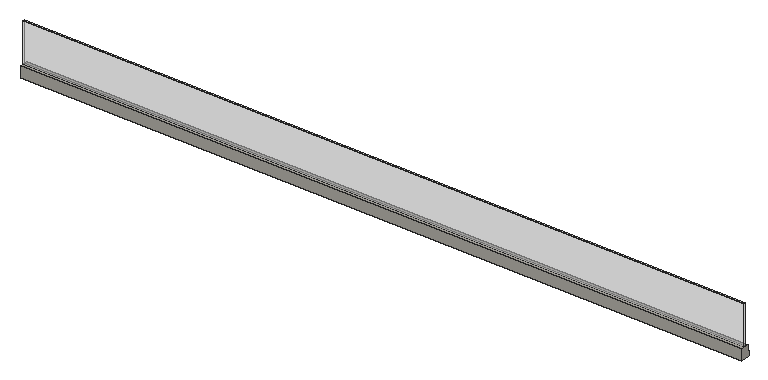
Revit family "Columns_&_Screens-Teknion-RCSBG_Central_Screen_for_Spine_Desk_Glass-R2019", category Furniture, Revit 2019
Family settings
  OmniClass Number = 23.40.20.00
  OmniClass Title = General Furniture and Specialties
  Work Plane-Based = No
  Always vertical = Yes
  Cut with Voids When Loaded = No
  Shared = Yes
  Room Calculation Point = No
Parameters (values of type "Shelf-Mounted, 42" High Datum Line With Shelf-Mounted Option")
  Width [instance] = 84.000"
  Warranty = "http://www.teknion.com/ca/papers/legal-canada"
  Unit Weight URL = "http://www.teknion.com/ca/tools/assets#&asset=bee6a381-b954-425e-8283-5a2de3a804f2,f828d448-4b62-4231-9e5f-9a8991c0ed77"
  URL = "www.teknion.com"
  To render please download texture images found here [instance] = "https://assets.teknion.com/web/5e81352c1dfdb467/revit-material-swatches/"
  Sustainability Data = "https://www.teknion.com/ca/tools/assets#&topic=216f99a5-57a0-44fc-b10a-9dee9b29ae4c&asset=444deb64-fe58-4b68-981e-f75e97781df7,b4ff2d81-9f2e-437d-9659-7cffb09c31cf"
  Supporting Frame Finish [instance] = Paint - Teknion - Mica - Titanium Grey
  Series = "Expansion Desking"  # constant formula
  Product Page URL = "https://www.teknion.com/ca/products/product-details?productLineId=2b4e336e-8e7a-673b-a6c8-ff00004460c4"
  Product Line = "Expansion Desking"  # constant formula
  Product Documentation Link = "https://www.teknion.com/pricing/expansion-desking/pdfs/RCSBG_ppg.pdf"
  Part Number = "RCSBG"  # constant formula
  Model = "RCSBGS06__"
  Manufacturer Phone = "416-661-3370"  # constant formula
  Manufacturer Fax = "416.661.4586"  # constant formula
  Manufacturer Contact Information = "http://www.teknion.com/ca/contactus"
  Manufacturer Address = "1150 Flint Road, Toronto, ON. M3J 2J5. Canada"  # constant formula
  Manufacturer = "Teknion"  # constant formula
  How To Use Teknion Materials User Guide [instance] = "https://assets.teknion.com/m/205dd0a49fa58060/original/How-to-add-a-Material-Library-and-Texture-Images-to-your-Revit-project.pdf"
  Height = 42.004"
  Glass Finish [instance] = Glass - Teknion - FT - Frosted Glass
  For Additional Finishes please visit [instance] = "https://assets.teknion.com/m/44a8009b046e5d47/original/Teknion_Materials_Library.zip"
  Description = "Central Screen for Spine Desk - Glass, Shelf-Mounted, 42\" High Datum Line with Shelf-Mounted option"
  Connection Node Visibility [instance] = yes
  Bottom of Screen = 36.287"
  Available Widths [instance] = "21\", 24\", 27\", 30\", 33\", 36\", 39\", 42\", 45\", 48\", 51\", 54\", 57\", 60\", 63\", 66\", 69\", 72\", 75\", 78\", 81\", or 84\""  # constant formula
  Assembly Code = "E2020200"
Types (9): name | Model | Height | Description | Bottom of Screen
  (no name) | "RCSBGS06__" | 42.004" | "Central Screen for Spine Desk - Glass, Shelf-Mounted, 42\" High Datum Line with Shelf-Mounted option" | 36.287"
  Desk-Mounted, 51" High Datum Line With Desk-Mounted Option | "RCSBGD22__" | 50.83071" | "Central Screen for Spine Desk - Glass, Desk-Mounted, 51\" High Datum Line with Desk-Mounted option" | 29.000"
  Worksurface-Mounted, 51" High Datum Line With Desk-Mounted Option | "RCSBGW22__" | 50.83071" | "Central Screen for Spine Desk - Glass, Worksurface-Mounted, 51\" High Datum Line with Desk-Mounted option" | 29.000"
  Desk-Mounted, 42" High Datum Line With Desk-Mounted Option | "RCSBGD13__" | 42.000" | "Central Screen for Spine Desk - Glass, Desk-Mounted, 42\" High Datum Line with Desk-Mounted option" | 29.000"
  Worksurface-Mounted, 42" High Datum Line With Desk-Mounted Option | "RCSBGW13__" | 42.000" | "Central Screen for Spine Desk - Glass, Worksurface-Mounted, 42\" High Datum Line with Desk-Mounted option" | 29.000"
  Desk-Mounted, Desk-Mounted Shelf Height With Desk-Mounted Option | "RCSBGD07__" | 36.071" | "Central Screen for Spine Desk - Glass, Desk-Mounted, Desk-Mounted Shelf Height with Desk-Mounted option" | 29.000"
  Worksurface-Mounted, Desk-Mounted Shelf Height With Desk-Mounted Option | "RCSBGW07__" | 36.071" | "Central Screen for Spine Desk - Glass, Worksurface-Mounted, Desk-Mounted Shelf Height with Desk-Mounted option" | 29.000"
  Shelf-Mounted, 51" High Datum Line With Shelf-Mounted Option | "RCSBGS15__" | 50.831" | "Central Screen for Spine Desk - Glass, Shelf-Mounted, 51\" High Datum Line with Shelf-Mounted option" | 36.287"
  Shelf-Mounted, 42" High Datum Line With Shelf-Mounted Option | "RCSBGS06__" | 42.004" | "Central Screen for Spine Desk - Glass, Shelf-Mounted, 42\" High Datum Line with Shelf-Mounted option" | 36.287"
Reference planes (in)
  plane 1 "Center Front/Back": y = 0
  plane 2: z = 0
  plane 3 "Center Left/Right": x = 0
  plane 4 "Left": x = -42
  plane 5 "Right": x = 42
  plane 6 "Back": y = 0.50787
  plane 7 "Front": y = -0.50787
  plane 8 "Top": z = 42.004
  plane 9 "Bottom of Screen": z = 36.287
Forms (in)
  Sweep 1, solid, material "Paint - Teknion - Mica - Titanium Grey" <- "Supporting Frame Finish"
    path origin (0, 0, 0) x (1, 0, 0) y (0, 1, 0)
      loop
        line (0, -0.50787) -> (0, 0.50787)
    profile origin (0, 0, 0) x (-1, 0, 0) y (0, 0, 1)
      loop
        line (42, 37.47598) -> (-42, 37.47598) -> (-42, 36.287) -> (42, 36.287) -> (42, 37.47598)
  Sweep 2, solid, material "Glass - Teknion - FT - Frosted Glass" <- "Glass Finish"
    path origin (0, 0, 0) x (1, 0, 0) y (0, 1, 0)
      loop
        line (0, -0.11811) -> (0, 0.11811)
    profile origin (0, 0, 0) x (-1, 0, 0) y (0, 0, 1)
      loop
        line (42, 42.004) -> (-42, 42.004) -> (-42, 37.47598) -> (42, 37.47598) -> (42, 42.004)
Lines and regions (in)
  Masking region 1
    outline origin (0, 0, 0) x (1, 0, 0) y (0, 1, 0)
      loop
        line (-42, 0.50787) -> (-42, -0.50787) -> (42, -0.50787) -> (42, 0.50787) -> (-42, 0.50787)
  symbolic lines
    curve 1: line (42, 0.11811, 0) -> (-42, 0.11811, 0)
    curve 2: line (42, -0.11811, 0) -> (-42, -0.11811, 0)
  reference lines
    curve 3: line (42, 0.50787, 0) -> (42, -0.50787, 0)
    curve 4: line (-42, 0.50787, 0) -> (-42, -0.50787, 0)
Dimensions and locks (in)
  "Width": plane 4 "Left" to plane 5 "Right"
  locked: plane 6 "Back" to plane 7 "Front" at 1.01575
  "Height": plane 8 "Top" to level
  equal spacing: plane 4 "Left", plane 3 "Center Left/Right", plane 5 "Right"
  equal spacing: plane 6 "Back", plane 1 "Center Front/Back", plane 7 "Front"
  "Bottom of Screen": plane 9 "Bottom of Screen" to level
  locked: Sweep 1 sketch curve to plane 9 "Bottom of Screen" at 1.18898
  Sweep 2 sketch curve to plane 1 "Center Front/Back" to Sweep 2 sketch curve = 0.11811" locked, 0.11811" locked
  locked: Sweep 2 sketch curve to plane 9 "Bottom of Screen" at 1.18898
  aligned and locked: level to plane 2
  aligned and locked: plane 6 "Back" to Sweep 1 sketch curve
  aligned and locked: plane 7 "Front" to Sweep 1 sketch curve
  aligned and locked: Sweep 1 sketch curve to plane 3 "Center Left/Right"
  aligned and locked: plane 4 "Left" to Sweep 1 sketch curve
  aligned and locked: plane 5 "Right" to Sweep 1 sketch curve
  aligned and locked: Sweep 1 sketch curve to plane 9 "Bottom of Screen"
  aligned and locked: plane 3 "Center Left/Right" to Sweep 2 sketch curve
  aligned and locked: Sweep 2 sketch curve to plane 8 "Top"
  aligned and locked: plane 5 "Right" to Sweep 2 sketch curve
  aligned and locked: plane 4 "Left" to Sweep 2 sketch curve
  aligned and locked: Masking region 1 sketch curve to plane 6 "Back"
  aligned and locked: Masking region 1 sketch curve to plane 4 "Left"
  aligned and locked: Masking region 1 sketch curve to plane 7 "Front"
  aligned and locked: Masking region 1 sketch curve to plane 5 "Right"
  aligned and locked: curve 1 to Sweep 2
  aligned and locked: curve 2 to Sweep 2
  aligned and locked: nested 3 to plane 4 "Left"
  aligned and locked: nested 3 to plane 1 "Center Front/Back"
  aligned and locked: plane 1 "Center Front/Back" to nested 2
  aligned and locked: nested 2 to plane 3 "Center Left/Right"
  aligned and locked: plane 1 "Center Front/Back" to nested 1
  aligned and locked: nested 1 to plane 5 "Right"
  aligned and locked: curve 3 to plane 5 "Right"
  aligned and locked: curve 4 to plane 4 "Left"
Automatic sketch dimensions
  curve 1 to plane 4 "Left" = 0.000"
  curve 1 to plane 5 "Right" = 0.000"
  curve 2 to plane 4 "Left" = 0.000"
  curve 2 to plane 5 "Right" = 0.000"
  plane 7 "Front" to curve 3 = 0.000"
  curve 3 to plane 6 "Back" = 0.000"
  curve 4 to plane 7 "Front" = 0.000"
  curve 4 to plane 6 "Back" = 0.000"
Nested families (in)
  nested 1: "Teknion_2D_Node_Family-R2016" at (42, 0, 0), visible <- "Connection Node Visibility", type "Teknion_2D_Node_Family-R2016"
  nested 2: "Teknion_2D_Node_Family-R2016" at (0, 0, 0), visible <- "Connection Node Visibility", type "Teknion_2D_Node_Family-R2016"
  nested 3: "Teknion_2D_Node_Family-R2016" at (-42, 0, 0), visible <- "Connection Node Visibility", type "Teknion_2D_Node_Family-R2016"
Definition of nested family "Teknion_2D_Node_Family-R2016"
  Reference planes (in)
    plane 1 "Center (Front/Back)": y = 0
    plane 2: z = 0
    plane 3 "Center (Left/Right)": x = 0
  Lines and regions (in)
    detail lines, in view "Ref. Level"
      curve 1: circle (0, 0, 0) r 1.25 normal (0, 0, 1)
      curve 2: line (1.91508, -1.91508, 0) -> (-1.91508, 1.91508, 0)
      curve 3: line (-1.91508, -1.91508, 0) -> (1.91508, 1.91508, 0)
